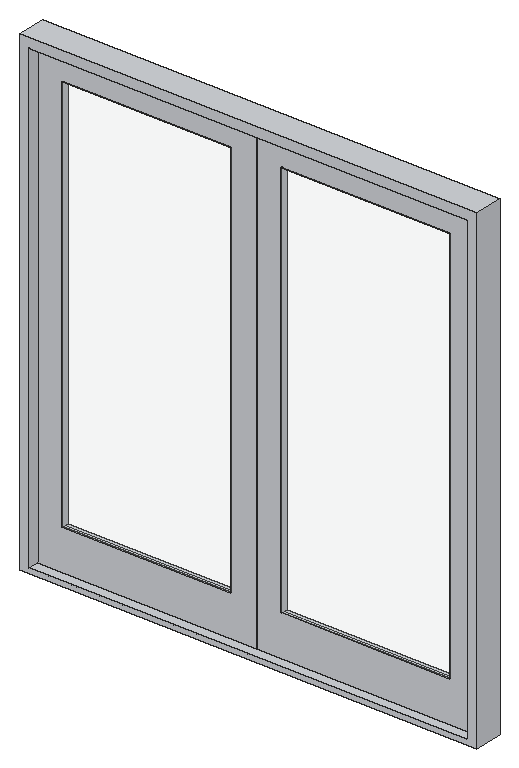
Revit family "PHLS Double Door", category Doors, host Wall, Revit 2018 (continued)
Definition of nested family "oReveal Right Side Text - Elevation"
  Lines and regions (mm)
    Filled region 4, type "Solid Fill - Blue", in view "Ref. Level"
      outline origin (60.229, 45, 0) x (1, 0, 0) y (0, 1, 0)
        loop
          spline (-175.67, -20.819) -> (-172.662, -20.274) -> (-171.624, -19.818) -> (-170.758, -19.233) -> (-170.01, -18.47) -> (-169.367, -17.36) -> (-168.916, -16.205) -> (-168.749, -15.161) -> (-168.855, -14.116) -> (-169.161, -13.156) -> (-169.994, -12.16) -> (-170.911, -11.709) -> (-173.495, -11.396)
          line (-173.495, -11.396) -> (-180.453, -11.396)
    Filled region 5, type "Solid Fill - Blue", in view "Ref. Level"
      outline origin (112.67, 45, 0) x (1, 0, 0) y (0, 1, 0)
        loop
          line (-188.472, -33.793) -> (-185.05, -33.793) -> (-182.768, -22.676) -> (-178.749, -22.676)
          spline (-178.749, -22.676) -> (-177.093, -22.836) -> (-175.853, -23.268) -> (-174.945, -23.899) -> (-174.288, -24.657) -> (-173.796, -25.469) -> (-173.389, -26.266) -> (-173.006, -27.05) -> (-172.612, -27.905) -> (-172.172, -28.918) -> (-171.652, -30.178) -> (-171.017, -31.774) -> (-170.235, -33.793)
          line (-170.235, -33.793) -> (-166.55, -33.793)
          spline (-166.55, -33.793) -> (-167.221, -32.11) -> (-167.783, -30.698) -> (-168.262, -29.514) -> (-168.682, -28.512) -> (-169.068, -27.647) -> (-169.446, -26.874) -> (-169.84, -26.149) -> (-170.279, -25.44) -> (-170.789, -24.735) -> (-171.402, -24.023) -> (-172.145, -23.293) -> (-173.048, -22.536)
          spline (-173.048, -22.536) -> (-169.187, -21.607) -> (-167.872, -20.91) -> (-166.626, -19.99) -> (-165.691, -18.809) -> (-165.041, -17.479) -> (-164.64, -16.087) -> (-164.569, -14.41) -> (-164.781, -12.941) -> (-165.311, -11.614) -> (-166.271, -10.347) -> (-167.333, -9.51) -> (-170.221, -8.762)
          line (-170.221, -8.762) -> (-183.335, -8.762) -> (-188.472, -33.793)
        loop
          line (-180.453, -11.396) -> (-182.195, -19.881) -> (-174.048, -19.881)
          spline (-174.048, -19.881) -> (-171.339, -19.39) -> (-170.403, -18.98) -> (-169.624, -18.453) -> (-168.951, -17.766) -> (-168.372, -16.767) -> (-167.965, -15.727) -> (-167.815, -14.787) -> (-167.91, -13.846) -> (-168.186, -12.981) -> (-168.936, -12.084) -> (-169.762, -11.678) -> (-172.089, -11.396)
          line (-172.089, -11.396) -> (-180.453, -11.396)
    Filled region 6, type "Solid Fill - Blue", in view "Ref. Level"
      outline origin (140.799, 45, 0) x (1, 0, 0) y (0, 1, 0)
        loop
          line (-188.129, -25.472) -> (-174.751, -25.472)
          spline (-174.751, -25.472) -> (-175.33, -18.793) -> (-178.232, -15.972) -> (-182.297, -15.286) -> (-185.875, -16.235) -> (-188.923, -19.053) -> (-190.829, -22.908) -> (-191.378, -26.678) -> (-190.398, -30.629) -> (-187.637, -33.408) -> (-183.785, -34.191) -> (-179.629, -32.861) -> (-175.591, -27.915)
          line (-175.591, -27.915) -> (-178.628, -27.65)
          spline (-178.628, -27.65) -> (-179.383, -29.083) -> (-180.181, -30.112) -> (-181.08, -30.842) -> (-182.086, -31.328) -> (-183.191, -31.613) -> (-184.325, -31.69) -> (-185.385, -31.524) -> (-186.294, -31.082) -> (-187.053, -30.342) -> (-187.68, -29.283) -> (-188.105, -27.762) -> (-188.129, -25.472)
        loop
          spline (-177.445, -23.161) -> (-177.526, -21.224) -> (-177.805, -19.993) -> (-178.317, -19.083) -> (-179.061, -18.396) -> (-179.944, -17.928) -> (-180.872, -17.685) -> (-181.802, -17.626) -> (-182.746, -17.748) -> (-183.806, -18.125) -> (-185.057, -18.884) -> (-186.406, -20.407) -> (-187.699, -23.161)
          line (-187.699, -23.161) -> (-177.445, -23.161)
    Filled region 7, type "Solid Fill - Blue", in view "Ref. Level"
      outline origin (177.936, 45, 0) x (1, 0, 0) y (0, 1, 0)
        loop
          line (-188.129, -25.472) -> (-174.751, -25.472)
          spline (-174.751, -25.472) -> (-175.33, -18.793) -> (-178.232, -15.972) -> (-182.297, -15.286) -> (-185.875, -16.235) -> (-188.923, -19.053) -> (-190.829, -22.908) -> (-191.378, -26.678) -> (-190.398, -30.629) -> (-187.637, -33.408) -> (-183.785, -34.191) -> (-179.629, -32.861) -> (-175.591, -27.915)
          line (-175.591, -27.915) -> (-178.628, -27.65)
          spline (-178.628, -27.65) -> (-179.383, -29.083) -> (-180.181, -30.112) -> (-181.08, -30.842) -> (-182.086, -31.328) -> (-183.191, -31.613) -> (-184.325, -31.69) -> (-185.385, -31.524) -> (-186.294, -31.082) -> (-187.053, -30.342) -> (-187.68, -29.283) -> (-188.105, -27.762) -> (-188.129, -25.472)
        loop
          spline (-177.445, -23.161) -> (-177.526, -21.224) -> (-177.805, -19.993) -> (-178.317, -19.083) -> (-179.061, -18.396) -> (-179.944, -17.928) -> (-180.872, -17.685) -> (-181.802, -17.626) -> (-182.746, -17.748) -> (-183.806, -18.125) -> (-185.057, -18.884) -> (-186.406, -20.407) -> (-187.699, -23.161)
          line (-187.699, -23.161) -> (-177.445, -23.161)
    Filled region 8, type "Solid Fill - Blue", in view "Ref. Level"
      outline origin (162.443, 45, 0) x (1, 0, 0) y (0, 1, 0)
        loop
          line (-189.88, -33.819) -> (-186.425, -33.819) -> (-175.939, -15.656) -> (-179.19, -15.656) -> (-187.655, -30.927) -> (-189.88, -15.656) -> (-192.832, -15.656) -> (-189.88, -33.819)
    Filled region 9, type "Solid Fill - Blue", in view "Ref. Level"
      outline origin (197.496, 45, 0) x (1, 0, 0) y (0, 1, 0)
        loop
          spline (-176.731, -33.81) -> (-177.048, -30.756) -> (-176.568, -27.729) -> (-175.862, -24.428) -> (-175.296, -21.761) -> (-175.209, -19.472) -> (-176.174, -17.323) -> (-178.088, -15.946) -> (-180.408, -15.324) -> (-183.076, -15.244) -> (-185.871, -15.924) -> (-188.445, -17.662) -> (-190.254, -20.766)
          line (-190.254, -20.766) -> (-187.177, -21.036)
          spline (-187.177, -21.036) -> (-186.217, -19.367) -> (-185.166, -18.49) -> (-184.123, -18.053) -> (-183.14, -17.828) -> (-182.213, -17.753) -> (-181.329, -17.788) -> (-180.488, -17.931) -> (-179.696, -18.205) -> (-178.989, -18.646) -> (-178.457, -19.328) -> (-178.242, -20.429) -> (-178.61, -22.434)
          spline (-178.61, -22.434) -> (-182.106, -22.969) -> (-185.94, -23.268) -> (-188.411, -23.836) -> (-190.183, -24.81) -> (-191.466, -26.329) -> (-192.072, -28.375) -> (-191.785, -30.63) -> (-190.666, -32.589) -> (-188.815, -33.834) -> (-186.625, -34.269) -> (-184.308, -33.979) -> (-180.197, -31.547)
          line (-180.197, -31.547) -> (-179.837, -33.81) -> (-176.731, -33.81)
        loop
          arc (-179.062, -24.59) -> (-179.61, -24.797) -> (-180.176, -24.947) r 5.632
          spline (-180.176, -24.947) -> (-183.054, -25.289) -> (-185.569, -25.599) -> (-187.565, -26.26) -> (-188.711, -27.474) -> (-189.006, -29.249) -> (-188.323, -30.798) -> (-186.742, -31.691) -> (-184.734, -31.772) -> (-182.898, -31.193) -> (-181.336, -30.093) -> (-180.13, -28.385) -> (-179.062, -24.59)
    Filled region 10, type "Solid Fill - Blue", in view "Ref. Level"
      outline origin (212.589, 45, 0) x (1, 0, 0) y (0, 1, 0)
        loop
          line (-188.472, -33.793) -> (-185.362, -33.793) -> (-180.225, -8.762) -> (-183.335, -8.762) -> (-188.472, -33.793)
    Filled region 11, type "Solid Fill - Blue", in view "Ref. Level"
      outline origin (374.336, 45, 0) x (1, 0, 0) y (0, 1, 0)
        loop
          line (-188.129, -25.472) -> (-174.751, -25.472)
          spline (-174.751, -25.472) -> (-175.33, -18.793) -> (-178.232, -15.972) -> (-182.297, -15.286) -> (-185.875, -16.235) -> (-188.923, -19.053) -> (-190.829, -22.908) -> (-191.378, -26.678) -> (-190.398, -30.629) -> (-187.637, -33.408) -> (-183.785, -34.191) -> (-179.629, -32.861) -> (-175.591, -27.915)
          line (-175.591, -27.915) -> (-178.628, -27.65)
          spline (-178.628, -27.65) -> (-179.383, -29.083) -> (-180.181, -30.112) -> (-181.08, -30.842) -> (-182.086, -31.328) -> (-183.191, -31.613) -> (-184.325, -31.69) -> (-185.385, -31.524) -> (-186.294, -31.082) -> (-187.053, -30.342) -> (-187.68, -29.283) -> (-188.105, -27.762) -> (-188.129, -25.472)
        loop
          spline (-177.445, -23.161) -> (-177.526, -21.224) -> (-177.805, -19.993) -> (-178.317, -19.083) -> (-179.061, -18.396) -> (-179.944, -17.928) -> (-180.872, -17.685) -> (-181.802, -17.626) -> (-182.746, -17.748) -> (-183.806, -18.125) -> (-185.057, -18.884) -> (-186.406, -20.407) -> (-187.699, -23.161)
          line (-187.699, -23.161) -> (-177.445, -23.161)
    Filled region 12, type "Solid Fill - Blue", in view "Ref. Level"
      outline origin (363.908, 45, 0) x (1, 0, 0) y (0, 1, 0)
        loop
          line (-189.097, -33.793) -> (-186.143, -33.793) -> (-181.007, -8.762) -> (-183.96, -8.762) -> (-185.992, -18.666)
          spline (-185.992, -18.666) -> (-189.018, -15.645) -> (-191.89, -15.318) -> (-194.745, -16.312) -> (-197.017, -18.256) -> (-198.758, -21.005) -> (-199.707, -23.911) -> (-199.98, -27.227) -> (-199.492, -30.174) -> (-197.974, -32.627) -> (-195.435, -34.052) -> (-192.553, -33.977) -> (-188.596, -31.353)
          line (-188.596, -31.353) -> (-189.097, -33.793)
        loop
          spline (-187.074, -23.939) -> (-187.766, -19.434) -> (-189.652, -17.96) -> (-191.978, -17.855) -> (-193.982, -19.036) -> (-195.419, -21.043) -> (-196.57, -23.675) -> (-197.008, -26.615) -> (-196.558, -29.314) -> (-195.29, -31.127) -> (-193.225, -31.745) -> (-190.995, -31.199) -> (-187.564, -26.326)
          line (-187.564, -26.326) -> (-187.074, -23.939)
    Filled region 13, type "Solid Fill - Blue", in view "Ref. Level"
      outline origin (301.91, 45, 0) x (1, 0, 0) y (0, 1, 0)
        loop
          spline (-188.225, -31.068) -> (-188.142, -32.2) -> (-187.85, -32.743) -> (-187.548, -33.075) -> (-187.215, -33.366) -> (-186.817, -33.641) -> (-186.334, -33.851) -> (-185.8, -33.988) -> (-185.279, -34.07) -> (-184.77, -34.11) -> (-184.203, -34.117) -> (-183.457, -34.057) -> (-182.296, -33.793)
          line (-182.296, -33.793) -> (-181.778, -31.268)
          spline (-181.778, -31.268) -> (-182.615, -31.431) -> (-183.256, -31.506) -> (-183.748, -31.513) -> (-184.131, -31.466) -> (-184.428, -31.371) -> (-184.66, -31.233) -> (-184.832, -31.045) -> (-184.939, -30.798) -> (-184.983, -30.489) -> (-184.981, -30.117) -> (-184.902, -29.552) -> (-184.676, -28.55)
          line (-184.676, -28.55) -> (-182.44, -18.033) -> (-179.466, -18.033) -> (-178.977, -15.651) -> (-181.952, -15.651) -> (-180.595, -9.043) -> (-184.142, -11.174) -> (-185.061, -15.651) -> (-187.516, -15.651) -> (-188.004, -18.033) -> (-185.55, -18.033) -> (-188.225, -31.068)
    Filled region 14, type "Solid Fill - Blue", in view "Ref. Level"
      outline origin (342.757, 45, 0) x (1, 0, 0) y (0, 1, 0)
        loop
          line (-187.046, -33.813) -> (-183.92, -33.813) -> (-180.059, -15.651) -> (-183.186, -15.651) -> (-187.046, -33.813)
        loop
          line (-178.662, -8.76) -> (-181.772, -8.76) -> (-182.479, -12.206) -> (-179.369, -12.206) -> (-178.662, -8.76)
    Filled region 15, type "Solid Fill - Blue", in view "Ref. Level"
      outline origin (325.902, 45, 0) x (1, 0, 0) y (0, 1, 0)
        loop
          spline (-191.902, -25.696) -> (-188.873, -32.573) -> (-184.7, -34.054) -> (-179.1, -33.911) -> (-174.626, -31.632) -> (-172.605, -27.747) -> (-173.701, -23.276) -> (-177.807, -20.444) -> (-183.106, -18.033) -> (-185.511, -14.656) -> (-182.77, -11.452) -> (-177.656, -11.4) -> (-174.053, -16.091)
          line (-174.053, -16.091) -> (-170.823, -15.809)
          spline (-170.823, -15.809) -> (-173.206, -10.35) -> (-177.749, -8.428) -> (-183.329, -8.698) -> (-187.292, -10.915) -> (-188.76, -15.635) -> (-186.187, -19.894) -> (-181.292, -22.401) -> (-176.599, -25.193) -> (-176.643, -29.277) -> (-181.021, -31.416) -> (-186.304, -30.526) -> (-188.603, -25.407)
          line (-188.603, -25.407) -> (-191.902, -25.696)
    Filled region 16, type "Solid Fill - Blue", in view "Ref. Level"
      outline origin (231.047, 45, 0) x (1, 0, 0) y (0, 1, 0)
        loop
          line (-188.472, -33.793) -> (-185.05, -33.793) -> (-182.768, -22.676) -> (-178.749, -22.676)
          spline (-178.749, -22.676) -> (-177.093, -22.836) -> (-175.853, -23.268) -> (-174.945, -23.899) -> (-174.288, -24.657) -> (-173.796, -25.469) -> (-173.389, -26.266) -> (-173.006, -27.05) -> (-172.612, -27.905) -> (-172.172, -28.918) -> (-171.652, -30.178) -> (-171.017, -31.774) -> (-170.235, -33.793)
          line (-170.235, -33.793) -> (-166.55, -33.793)
          spline (-166.55, -33.793) -> (-167.221, -32.11) -> (-167.783, -30.698) -> (-168.262, -29.514) -> (-168.682, -28.512) -> (-169.068, -27.647) -> (-169.446, -26.874) -> (-169.84, -26.149) -> (-170.279, -25.44) -> (-170.789, -24.735) -> (-171.402, -24.023) -> (-172.145, -23.293) -> (-173.048, -22.536)
          spline (-173.048, -22.536) -> (-169.187, -21.607) -> (-167.872, -20.91) -> (-166.626, -19.99) -> (-165.691, -18.809) -> (-165.041, -17.479) -> (-164.64, -16.087) -> (-164.569, -14.41) -> (-164.781, -12.941) -> (-165.311, -11.614) -> (-166.271, -10.347) -> (-167.333, -9.51) -> (-170.221, -8.762)
          line (-170.221, -8.762) -> (-183.335, -8.762) -> (-188.472, -33.793)
        loop
          line (-180.453, -11.396) -> (-182.195, -19.881) -> (-174.048, -19.881)
          spline (-174.048, -19.881) -> (-171.339, -19.39) -> (-170.403, -18.98) -> (-169.624, -18.453) -> (-168.951, -17.766) -> (-168.372, -16.767) -> (-167.965, -15.727) -> (-167.815, -14.787) -> (-167.91, -13.846) -> (-168.186, -12.981) -> (-168.936, -12.084) -> (-169.762, -11.678) -> (-172.089, -11.396)
          line (-172.089, -11.396) -> (-180.453, -11.396)
    Filled region 17, type "Solid Fill - Blue", in view "Ref. Level"
      outline origin (254.228, 45, 0) x (1, 0, 0) y (0, 1, 0)
        loop
          line (-187.046, -33.813) -> (-183.92, -33.813) -> (-180.059, -15.651) -> (-183.186, -15.651) -> (-187.046, -33.813)
        loop
          line (-178.662, -8.76) -> (-181.772, -8.76) -> (-182.479, -12.206) -> (-179.369, -12.206) -> (-178.662, -8.76)
    Filled region 18, type "Solid Fill - Blue", in view "Ref. Level"
      outline origin (273.129, 45, 0) x (1, 0, 0) y (0, 1, 0)
        loop
          line (-180.059, -15.651) -> (-182.873, -15.651) -> (-183.507, -18.631)
          spline (-183.507, -18.631) -> (-187.01, -15.474) -> (-189.921, -15.283) -> (-192.548, -16.16) -> (-194.909, -18.032) -> (-196.766, -20.673) -> (-197.861, -23.651) -> (-198.089, -26.745) -> (-197.453, -29.77) -> (-195.976, -32.014) -> (-193.714, -33.506) -> (-190.414, -33.658) -> (-186.497, -31.375)
          spline (-186.497, -31.375) -> (-187.176, -34.352) -> (-187.597, -35.867) -> (-188.052, -36.823) -> (-188.69, -37.524) -> (-189.569, -38.048) -> (-190.623, -38.384) -> (-191.767, -38.529) -> (-192.924, -38.517) -> (-193.958, -38.361) -> (-194.751, -38.029) -> (-195.45, -37.333) -> (-195.731, -35.767)
          line (-195.731, -35.767) -> (-198.821, -35.466)
          spline (-198.821, -35.466) -> (-198.736, -37.55) -> (-198.091, -39.018) -> (-196.931, -40.043) -> (-195.401, -40.659) -> (-193.776, -40.988) -> (-192.164, -41.084) -> (-190.591, -40.969) -> (-189.102, -40.652) -> (-187.722, -40.101) -> (-186.377, -39.083) -> (-185.025, -37.23) -> (-183.92, -33.813)
          line (-183.92, -33.813) -> (-180.059, -15.651)
        loop
          spline (-191.883, -31.164) -> (-190.589, -31.311) -> (-189.243, -30.995) -> (-187.939, -30.237) -> (-186.765, -29.087) -> (-185.801, -27.626) -> (-185.113, -25.951) -> (-184.747, -24.178) -> (-184.729, -22.427) -> (-185.06, -20.818) -> (-185.717, -19.46) -> (-186.655, -18.445) -> (-187.811, -17.844)
          spline (-187.811, -17.844) -> (-189.106, -17.696) -> (-190.451, -18.012) -> (-191.755, -18.771) -> (-192.93, -19.92) -> (-193.894, -21.382) -> (-194.582, -23.056) -> (-194.948, -24.829) -> (-194.966, -26.58) -> (-194.635, -28.189) -> (-193.978, -29.548) -> (-193.039, -30.562) -> (-191.883, -31.164)
    Filled region 19, type "Solid Fill - Blue", in view "Ref. Level"
      outline origin (280.845, 45, 0) x (1, 0, 0) y (0, 1, 0)
        loop
          line (-187.203, -33.813) -> (-184.076, -33.813) -> (-182.029, -24.183)
          spline (-182.029, -24.183) -> (-181.055, -21.496) -> (-180.114, -19.985) -> (-179.213, -19.156) -> (-178.355, -18.578) -> (-177.493, -18.149) -> (-176.57, -17.875) -> (-175.595, -17.762) -> (-174.69, -17.814) -> (-173.937, -18.051) -> (-173.31, -18.53) -> (-172.9, -19.34) -> (-173.029, -21.034)
          line (-173.029, -21.034) -> (-175.745, -33.813) -> (-172.618, -33.813) -> (-170.184, -22.361)
          spline (-170.184, -22.361) -> (-169.793, -19.618) -> (-169.966, -18.045) -> (-170.478, -17.066) -> (-171.158, -16.393) -> (-171.899, -15.878) -> (-172.776, -15.508) -> (-173.861, -15.299) -> (-175.038, -15.27) -> (-176.173, -15.439) -> (-177.283, -15.818) -> (-178.473, -16.46) -> (-180.15, -17.713)
          line (-180.15, -17.713) -> (-180.789, -18.352) -> (-178.751, -8.76) -> (-181.877, -8.76) -> (-187.203, -33.813)
    Filled region 20, type "Solid Fill - Blue", in view "Ref. Level"
      outline origin (98.855, 44.647, 0) x (1, 0, 0) y (0, 1, 0)
        loop
          spline (-185.95, -31.303) -> (-184.564, -31.411) -> (-183.141, -31.022) -> (-181.777, -30.162) -> (-180.567, -28.889) -> (-179.592, -27.29) -> (-178.919, -25.475) -> (-178.594, -23.566) -> (-178.639, -21.694) -> (-179.051, -19.987) -> (-179.801, -18.56) -> (-180.839, -17.511) -> (-182.095, -16.912)
          spline (-182.095, -16.912) -> (-183.481, -16.803) -> (-184.904, -17.193) -> (-186.268, -18.053) -> (-187.478, -19.326) -> (-188.453, -20.924) -> (-189.126, -22.74) -> (-189.451, -24.649) -> (-189.406, -26.521) -> (-188.994, -28.228) -> (-188.244, -29.655) -> (-187.205, -30.703) -> (-185.95, -31.303)
        loop
          spline (-186.719, -33.512) -> (-184.541, -33.789) -> (-182.328, -33.407) -> (-180.231, -32.391) -> (-178.392, -30.811) -> (-176.936, -28.774) -> (-175.964, -26.418) -> (-175.54, -23.905) -> (-175.695, -21.406) -> (-176.417, -19.092) -> (-177.658, -17.118) -> (-179.332, -15.622) -> (-181.326, -14.703)
          spline (-181.326, -14.703) -> (-183.503, -14.425) -> (-185.717, -14.808) -> (-187.814, -15.823) -> (-189.653, -17.404) -> (-191.109, -19.441) -> (-192.081, -21.797) -> (-192.505, -24.309) -> (-192.35, -26.808) -> (-191.628, -29.123) -> (-190.387, -31.096) -> (-188.713, -32.593) -> (-186.719, -33.512)
Definition of nested family "oReveal Left Side Text - Elevation"
  Reference planes
    plane 1 "Center (Front/Back)": y = 0
    plane 2: z = 0
    plane 3 "Center (Left/Right)": x = 0
  Lines and regions (mm)
    Filled region 1, type "Solid Fill - Blue", in view "Ref. Level"
      outline origin (0, 45, 0) x (1, 0, 0) y (0, 1, 0)
        loop
          line (-188.472, -33.793) -> (-185.05, -33.793) -> (-182.961, -23.613) -> (-175.674, -23.613)
          spline (-175.674, -23.613) -> (-171.33, -22.908) -> (-169.791, -22.309) -> (-168.405, -21.311) -> (-167.201, -20.024) -> (-166.317, -18.518) -> (-165.768, -16.888) -> (-165.579, -15.289) -> (-165.618, -13.63) -> (-166.119, -11.979) -> (-167.07, -10.588) -> (-168.322, -9.573) -> (-171.627, -8.762)
          line (-171.627, -8.762) -> (-183.335, -8.762) -> (-188.472, -33.793)
        loop
          line (-180.453, -11.396) -> (-182.387, -20.819) -> (-175.67, -20.819)
          spline (-175.67, -20.819) -> (-172.662, -20.274) -> (-171.624, -19.818) -> (-170.758, -19.233) -> (-170.01, -18.47) -> (-169.367, -17.36) -> (-168.916, -16.205) -> (-168.749, -15.161) -> (-168.855, -14.116) -> (-169.161, -13.156) -> (-169.994, -12.16) -> (-170.911, -11.709) -> (-173.495, -11.396)
          line (-173.495, -11.396) -> (-180.453, -11.396)
    Filled region 2, type "Solid Fill - Blue", in view "Ref. Level"
      outline origin (23.211, 45, 0) x (1, 0, 0) y (0, 1, 0)
        loop
          line (-188.472, -33.793) -> (-185.05, -33.793) -> (-182.624, -21.973) -> (-169.658, -21.973) -> (-172.083, -33.793) -> (-168.661, -33.793) -> (-163.525, -8.762) -> (-166.947, -8.762) -> (-169.084, -19.178) -> (-182.05, -19.178) -> (-179.913, -8.762) -> (-183.335, -8.762) -> (-188.472, -33.793)
    Filled region 3, type "Solid Fill - Blue", in view "Ref. Level"
      outline origin (48.414, 45, 0) x (1, 0, 0) y (0, 1, 0)
        loop
          line (-188.472, -33.793) -> (-185.05, -33.793) -> (-182.961, -23.613) -> (-175.674, -23.613)
          spline (-175.674, -23.613) -> (-171.33, -22.908) -> (-169.791, -22.309) -> (-168.405, -21.311) -> (-167.201, -20.024) -> (-166.317, -18.518) -> (-165.768, -16.888) -> (-165.579, -15.289) -> (-165.618, -13.63) -> (-166.119, -11.979) -> (-167.07, -10.588) -> (-168.322, -9.573) -> (-171.627, -8.762)
          line (-171.627, -8.762) -> (-183.335, -8.762) -> (-188.472, -33.793)
        loop
          line (-180.453, -11.396) -> (-182.387, -20.819) -> (-175.67, -20.819)
          spline (-175.67, -20.819) -> (-172.662, -20.274) -> (-171.624, -19.818) -> (-170.758, -19.233) -> (-170.01, -18.47) -> (-169.367, -17.36) -> (-168.916, -16.205) -> (-168.749, -15.161) -> (-168.855, -14.116) -> (-169.161, -13.156) -> (-169.994, -12.16) -> (-170.911, -11.709) -> (-173.495, -11.396)
          line (-173.495, -11.396) -> (-180.453, -11.396)
    Filled region 4, type "Solid Fill - Blue", in view "Ref. Level"
      outline origin (71.479, 45, 0) x (1, 0, 0) y (0, 1, 0)
        loop
          line (-188.472, -33.793) -> (-185.05, -33.793) -> (-182.961, -23.613) -> (-175.674, -23.613)
          spline (-175.674, -23.613) -> (-171.33, -22.908) -> (-169.791, -22.309) -> (-168.405, -21.311) -> (-167.201, -20.024) -> (-166.317, -18.518) -> (-165.768, -16.888) -> (-165.579, -15.289) -> (-165.618, -13.63) -> (-166.119, -11.979) -> (-167.07, -10.588) -> (-168.322, -9.573) -> (-171.627, -8.762)
          line (-171.627, -8.762) -> (-183.335, -8.762) -> (-188.472, -33.793)
        loop
          line (-180.453, -11.396) -> (-182.387, -20.819) -> (-175.67, -20.819)
          spline (-175.67, -20.819) -> (-172.662, -20.274) -> (-171.624, -19.818) -> (-170.758, -19.233) -> (-170.01, -18.47) -> (-169.367, -17.36) -> (-168.916, -16.205) -> (-168.749, -15.161) -> (-168.855, -14.116) -> (-169.161, -13.156) -> (-169.994, -12.16) -> (-170.911, -11.709) -> (-173.495, -11.396)
          line (-173.495, -11.396) -> (-180.453, -11.396)
    Filled region 5, type "Solid Fill - Blue", in view "Ref. Level"
      outline origin (123.92, 45, 0) x (1, 0, 0) y (0, 1, 0)
        loop
          line (-188.472, -33.793) -> (-185.05, -33.793) -> (-182.768, -22.676) -> (-178.749, -22.676)
          spline (-178.749, -22.676) -> (-177.093, -22.836) -> (-175.853, -23.268) -> (-174.945, -23.899) -> (-174.288, -24.657) -> (-173.796, -25.469) -> (-173.389, -26.266) -> (-173.006, -27.05) -> (-172.612, -27.905) -> (-172.172, -28.918) -> (-171.652, -30.178) -> (-171.017, -31.774) -> (-170.235, -33.793)
          line (-170.235, -33.793) -> (-166.55, -33.793)
          spline (-166.55, -33.793) -> (-167.221, -32.11) -> (-167.783, -30.698) -> (-168.262, -29.514) -> (-168.682, -28.512) -> (-169.068, -27.647) -> (-169.446, -26.874) -> (-169.84, -26.149) -> (-170.279, -25.44) -> (-170.789, -24.735) -> (-171.402, -24.023) -> (-172.145, -23.293) -> (-173.048, -22.536)
          spline (-173.048, -22.536) -> (-169.187, -21.607) -> (-167.872, -20.91) -> (-166.626, -19.99) -> (-165.691, -18.809) -> (-165.041, -17.479) -> (-164.64, -16.087) -> (-164.569, -14.41) -> (-164.781, -12.941) -> (-165.311, -11.614) -> (-166.271, -10.347) -> (-167.333, -9.51) -> (-170.221, -8.762)
          line (-170.221, -8.762) -> (-183.335, -8.762) -> (-188.472, -33.793)
        loop
          line (-180.453, -11.396) -> (-182.195, -19.881) -> (-174.048, -19.881)
          spline (-174.048, -19.881) -> (-171.339, -19.39) -> (-170.403, -18.98) -> (-169.624, -18.453) -> (-168.951, -17.766) -> (-168.372, -16.767) -> (-167.965, -15.727) -> (-167.815, -14.787) -> (-167.91, -13.846) -> (-168.186, -12.981) -> (-168.936, -12.084) -> (-169.762, -11.678) -> (-172.089, -11.396)
          line (-172.089, -11.396) -> (-180.453, -11.396)
    Filled region 6, type "Solid Fill - Blue", in view "Ref. Level"
      outline origin (152.049, 45, 0) x (1, 0, 0) y (0, 1, 0)
        loop
          line (-188.129, -25.472) -> (-174.751, -25.472)
          spline (-174.751, -25.472) -> (-175.33, -18.793) -> (-178.232, -15.972) -> (-182.297, -15.286) -> (-185.875, -16.235) -> (-188.923, -19.053) -> (-190.829, -22.908) -> (-191.378, -26.678) -> (-190.398, -30.629) -> (-187.637, -33.408) -> (-183.785, -34.191) -> (-179.629, -32.861) -> (-175.591, -27.915)
          line (-175.591, -27.915) -> (-178.628, -27.65)
          spline (-178.628, -27.65) -> (-179.383, -29.083) -> (-180.181, -30.112) -> (-181.08, -30.842) -> (-182.086, -31.328) -> (-183.191, -31.613) -> (-184.325, -31.69) -> (-185.385, -31.524) -> (-186.294, -31.082) -> (-187.053, -30.342) -> (-187.68, -29.283) -> (-188.105, -27.762) -> (-188.129, -25.472)
        loop
          spline (-177.445, -23.161) -> (-177.526, -21.224) -> (-177.805, -19.993) -> (-178.317, -19.083) -> (-179.061, -18.396) -> (-179.944, -17.928) -> (-180.872, -17.685) -> (-181.802, -17.626) -> (-182.746, -17.748) -> (-183.806, -18.125) -> (-185.057, -18.884) -> (-186.406, -20.407) -> (-187.699, -23.161)
          line (-187.699, -23.161) -> (-177.445, -23.161)
    Filled region 7, type "Solid Fill - Blue", in view "Ref. Level"
      outline origin (189.186, 45, 0) x (1, 0, 0) y (0, 1, 0)
        loop
          line (-188.129, -25.472) -> (-174.751, -25.472)
          spline (-174.751, -25.472) -> (-175.33, -18.793) -> (-178.232, -15.972) -> (-182.297, -15.286) -> (-185.875, -16.235) -> (-188.923, -19.053) -> (-190.829, -22.908) -> (-191.378, -26.678) -> (-190.398, -30.629) -> (-187.637, -33.408) -> (-183.785, -34.191) -> (-179.629, -32.861) -> (-175.591, -27.915)
          line (-175.591, -27.915) -> (-178.628, -27.65)
          spline (-178.628, -27.65) -> (-179.383, -29.083) -> (-180.181, -30.112) -> (-181.08, -30.842) -> (-182.086, -31.328) -> (-183.191, -31.613) -> (-184.325, -31.69) -> (-185.385, -31.524) -> (-186.294, -31.082) -> (-187.053, -30.342) -> (-187.68, -29.283) -> (-188.105, -27.762) -> (-188.129, -25.472)
        loop
          spline (-177.445, -23.161) -> (-177.526, -21.224) -> (-177.805, -19.993) -> (-178.317, -19.083) -> (-179.061, -18.396) -> (-179.944, -17.928) -> (-180.872, -17.685) -> (-181.802, -17.626) -> (-182.746, -17.748) -> (-183.806, -18.125) -> (-185.057, -18.884) -> (-186.406, -20.407) -> (-187.699, -23.161)
          line (-187.699, -23.161) -> (-177.445, -23.161)
    Filled region 8, type "Solid Fill - Blue", in view "Ref. Level"
      outline origin (173.693, 45, 0) x (1, 0, 0) y (0, 1, 0)
        loop
          line (-189.88, -33.819) -> (-186.425, -33.819) -> (-175.939, -15.656) -> (-179.19, -15.656) -> (-187.655, -30.927) -> (-189.88, -15.656) -> (-192.832, -15.656) -> (-189.88, -33.819)
    Filled region 9, type "Solid Fill - Blue", in view "Ref. Level"
      outline origin (208.746, 45, 0) x (1, 0, 0) y (0, 1, 0)
        loop
          spline (-176.731, -33.81) -> (-177.048, -30.756) -> (-176.568, -27.729) -> (-175.862, -24.428) -> (-175.296, -21.761) -> (-175.209, -19.472) -> (-176.174, -17.323) -> (-178.088, -15.946) -> (-180.408, -15.324) -> (-183.076, -15.244) -> (-185.871, -15.924) -> (-188.445, -17.662) -> (-190.254, -20.766)
          line (-190.254, -20.766) -> (-187.177, -21.036)
          spline (-187.177, -21.036) -> (-186.217, -19.367) -> (-185.166, -18.49) -> (-184.123, -18.053) -> (-183.14, -17.828) -> (-182.213, -17.753) -> (-181.329, -17.788) -> (-180.488, -17.931) -> (-179.696, -18.205) -> (-178.989, -18.646) -> (-178.457, -19.328) -> (-178.242, -20.429) -> (-178.61, -22.434)
          spline (-178.61, -22.434) -> (-182.106, -22.969) -> (-185.94, -23.268) -> (-188.411, -23.836) -> (-190.183, -24.81) -> (-191.466, -26.329) -> (-192.072, -28.375) -> (-191.785, -30.63) -> (-190.666, -32.589) -> (-188.815, -33.834) -> (-186.625, -34.269) -> (-184.308, -33.979) -> (-180.197, -31.547)
          line (-180.197, -31.547) -> (-179.837, -33.81) -> (-176.731, -33.81)
        loop
          arc (-179.062, -24.59) -> (-179.61, -24.797) -> (-180.176, -24.947) r 5.632
          spline (-180.176, -24.947) -> (-183.054, -25.289) -> (-185.569, -25.599) -> (-187.565, -26.26) -> (-188.711, -27.474) -> (-189.006, -29.249) -> (-188.323, -30.798) -> (-186.742, -31.691) -> (-184.734, -31.772) -> (-182.898, -31.193) -> (-181.336, -30.093) -> (-180.13, -28.385) -> (-179.062, -24.59)
    Filled region 10, type "Solid Fill - Blue", in view "Ref. Level"
      outline origin (223.839, 45, 0) x (1, 0, 0) y (0, 1, 0)
        loop
          line (-188.472, -33.793) -> (-185.362, -33.793) -> (-180.225, -8.762) -> (-183.335, -8.762) -> (-188.472, -33.793)
    Filled region 11, type "Solid Fill - Blue", in view "Ref. Level"
      outline origin (241.995, 45, 0) x (1, 0, 0) y (0, 1, 0)
        loop
          line (-188.472, -33.793) -> (-171.96, -33.793) -> (-171.385, -30.991) -> (-184.475, -30.991) -> (-179.913, -8.762) -> (-183.335, -8.762) -> (-188.472, -33.793)
    Filled region 12, type "Solid Fill - Blue", in view "Ref. Level"
      outline origin (264.491, 45, 0) x (1, 0, 0) y (0, 1, 0)
        loop
          line (-188.129, -25.472) -> (-174.751, -25.472)
          spline (-174.751, -25.472) -> (-175.33, -18.793) -> (-178.232, -15.972) -> (-182.297, -15.286) -> (-185.875, -16.235) -> (-188.923, -19.053) -> (-190.829, -22.908) -> (-191.378, -26.678) -> (-190.398, -30.629) -> (-187.637, -33.408) -> (-183.785, -34.191) -> (-179.629, -32.861) -> (-175.591, -27.915)
          line (-175.591, -27.915) -> (-178.628, -27.65)
          spline (-178.628, -27.65) -> (-179.383, -29.083) -> (-180.181, -30.112) -> (-181.08, -30.842) -> (-182.086, -31.328) -> (-183.191, -31.613) -> (-184.325, -31.69) -> (-185.385, -31.524) -> (-186.294, -31.082) -> (-187.053, -30.342) -> (-187.68, -29.283) -> (-188.105, -27.762) -> (-188.129, -25.472)
        loop
          spline (-177.445, -23.161) -> (-177.526, -21.224) -> (-177.805, -19.993) -> (-178.317, -19.083) -> (-179.061, -18.396) -> (-179.944, -17.928) -> (-180.872, -17.685) -> (-181.802, -17.626) -> (-182.746, -17.748) -> (-183.806, -18.125) -> (-185.057, -18.884) -> (-186.406, -20.407) -> (-187.699, -23.161)
          line (-187.699, -23.161) -> (-177.445, -23.161)
    Filled region 13, type "Solid Fill - Blue", in view "Ref. Level"
      outline origin (363.086, 45, 0) x (1, 0, 0) y (0, 1, 0)
        loop
          line (-188.129, -25.472) -> (-174.751, -25.472)
          spline (-174.751, -25.472) -> (-175.33, -18.793) -> (-178.232, -15.972) -> (-182.297, -15.286) -> (-185.875, -16.235) -> (-188.923, -19.053) -> (-190.829, -22.908) -> (-191.378, -26.678) -> (-190.398, -30.629) -> (-187.637, -33.408) -> (-183.785, -34.191) -> (-179.629, -32.861) -> (-175.591, -27.915)
          line (-175.591, -27.915) -> (-178.628, -27.65)
          spline (-178.628, -27.65) -> (-179.383, -29.083) -> (-180.181, -30.112) -> (-181.08, -30.842) -> (-182.086, -31.328) -> (-183.191, -31.613) -> (-184.325, -31.69) -> (-185.385, -31.524) -> (-186.294, -31.082) -> (-187.053, -30.342) -> (-187.68, -29.283) -> (-188.105, -27.762) -> (-188.129, -25.472)
        loop
          spline (-177.445, -23.161) -> (-177.526, -21.224) -> (-177.805, -19.993) -> (-178.317, -19.083) -> (-179.061, -18.396) -> (-179.944, -17.928) -> (-180.872, -17.685) -> (-181.802, -17.626) -> (-182.746, -17.748) -> (-183.806, -18.125) -> (-185.057, -18.884) -> (-186.406, -20.407) -> (-187.699, -23.161)
          line (-187.699, -23.161) -> (-177.445, -23.161)
    Filled region 14, type "Solid Fill - Blue", in view "Ref. Level"
      outline origin (352.658, 45, 0) x (1, 0, 0) y (0, 1, 0)
        loop
          line (-189.097, -33.793) -> (-186.143, -33.793) -> (-181.007, -8.762) -> (-183.96, -8.762) -> (-185.992, -18.666)
          spline (-185.992, -18.666) -> (-189.018, -15.645) -> (-191.89, -15.318) -> (-194.745, -16.312) -> (-197.017, -18.256) -> (-198.758, -21.005) -> (-199.707, -23.911) -> (-199.98, -27.227) -> (-199.492, -30.174) -> (-197.974, -32.627) -> (-195.435, -34.052) -> (-192.553, -33.977) -> (-188.596, -31.353)
          line (-188.596, -31.353) -> (-189.097, -33.793)
        loop
          spline (-187.074, -23.939) -> (-187.766, -19.434) -> (-189.652, -17.96) -> (-191.978, -17.855) -> (-193.982, -19.036) -> (-195.419, -21.043) -> (-196.57, -23.675) -> (-197.008, -26.615) -> (-196.558, -29.314) -> (-195.29, -31.127) -> (-193.225, -31.745) -> (-190.995, -31.199) -> (-187.564, -26.326)
          line (-187.564, -26.326) -> (-187.074, -23.939)
    Filled region 15, type "Solid Fill - Blue", in view "Ref. Level"
      outline origin (280.66, 45, 0) x (1, 0, 0) y (0, 1, 0)
        loop
          line (-188.472, -33.793) -> (-185.362, -33.793) -> (-182.128, -18.033) -> (-178.684, -18.033) -> (-178.196, -15.651) -> (-181.639, -15.651) -> (-181.13, -13.171)
          spline (-181.13, -13.171) -> (-180.875, -12.394) -> (-180.648, -11.881) -> (-180.425, -11.557) -> (-180.185, -11.35) -> (-179.912, -11.208) -> (-179.604, -11.12) -> (-179.257, -11.078) -> (-178.871, -11.074) -> (-178.428, -11.106) -> (-177.895, -11.181) -> (-177.234, -11.306) -> (-176.412, -11.487)
          line (-176.412, -11.487) -> (-175.837, -8.781)
          spline (-175.837, -8.781) -> (-177.104, -8.532) -> (-178.088, -8.382) -> (-178.945, -8.3) -> (-179.74, -8.286) -> (-180.49, -8.36) -> (-181.202, -8.535) -> (-181.855, -8.805) -> (-182.425, -9.164) -> (-182.908, -9.62) -> (-183.321, -10.204) -> (-183.703, -11.082) -> (-184.151, -12.738)
          line (-184.151, -12.738) -> (-184.748, -15.651) -> (-187.516, -15.651) -> (-188.004, -18.033) -> (-185.237, -18.033) -> (-188.472, -33.793)
    Filled region 16, type "Solid Fill - Blue", in view "Ref. Level"
      outline origin (290.66, 45, 0) x (1, 0, 0) y (0, 1, 0)
        loop
          spline (-188.225, -31.068) -> (-188.142, -32.2) -> (-187.85, -32.743) -> (-187.548, -33.075) -> (-187.215, -33.366) -> (-186.817, -33.641) -> (-186.334, -33.851) -> (-185.8, -33.988) -> (-185.279, -34.07) -> (-184.77, -34.11) -> (-184.203, -34.117) -> (-183.457, -34.057) -> (-182.296, -33.793)
          line (-182.296, -33.793) -> (-181.778, -31.268)
          spline (-181.778, -31.268) -> (-182.615, -31.431) -> (-183.256, -31.506) -> (-183.748, -31.513) -> (-184.131, -31.466) -> (-184.428, -31.371) -> (-184.66, -31.233) -> (-184.832, -31.045) -> (-184.939, -30.798) -> (-184.983, -30.489) -> (-184.981, -30.117) -> (-184.902, -29.552) -> (-184.676, -28.55)
          line (-184.676, -28.55) -> (-182.44, -18.033) -> (-179.466, -18.033) -> (-178.977, -15.651) -> (-181.952, -15.651) -> (-180.595, -9.043) -> (-184.142, -11.174) -> (-185.061, -15.651) -> (-187.516, -15.651) -> (-188.004, -18.033) -> (-185.55, -18.033) -> (-188.225, -31.068)
    Filled region 17, type "Solid Fill - Blue", in view "Ref. Level"
      outline origin (331.507, 45, 0) x (1, 0, 0) y (0, 1, 0)
        loop
          line (-187.046, -33.813) -> (-183.92, -33.813) -> (-180.059, -15.651) -> (-183.186, -15.651) -> (-187.046, -33.813)
        loop
          line (-178.662, -8.76) -> (-181.772, -8.76) -> (-182.479, -12.206) -> (-179.369, -12.206) -> (-178.662, -8.76)
    Filled region 18, type "Solid Fill - Blue", in view "Ref. Level"
      outline origin (314.652, 45, 0) x (1, 0, 0) y (0, 1, 0)
        loop
          spline (-191.902, -25.696) -> (-188.873, -32.573) -> (-184.7, -34.054) -> (-179.1, -33.911) -> (-174.626, -31.632) -> (-172.605, -27.747) -> (-173.701, -23.276) -> (-177.807, -20.444) -> (-183.106, -18.033) -> (-185.511, -14.656) -> (-182.77, -11.452) -> (-177.656, -11.4) -> (-174.053, -16.091)
          line (-174.053, -16.091) -> (-170.823, -15.809)
          spline (-170.823, -15.809) -> (-173.206, -10.35) -> (-177.749, -8.428) -> (-183.329, -8.698) -> (-187.292, -10.915) -> (-188.76, -15.635) -> (-186.187, -19.894) -> (-181.292, -22.401) -> (-176.599, -25.193) -> (-176.643, -29.277) -> (-181.021, -31.416) -> (-186.304, -30.526) -> (-188.603, -25.407)
          line (-188.603, -25.407) -> (-191.902, -25.696)
    Filled region 19, type "Solid Fill - Blue", in view "Ref. Level"
      outline origin (111.643, 44.7, 0) x (1, 0, 0) y (0, 1, 0)
        loop
          spline (-187.2, -31.928) -> (-185.814, -32.036) -> (-184.391, -31.647) -> (-183.027, -30.787) -> (-181.817, -29.514) -> (-180.842, -27.915) -> (-180.169, -26.1) -> (-179.844, -24.191) -> (-179.889, -22.319) -> (-180.301, -20.612) -> (-181.051, -19.185) -> (-182.089, -18.136) -> (-183.345, -17.537)
          spline (-183.345, -17.537) -> (-184.731, -17.428) -> (-186.154, -17.818) -> (-187.518, -18.678) -> (-188.728, -19.951) -> (-189.703, -21.549) -> (-190.376, -23.365) -> (-190.701, -25.274) -> (-190.656, -27.146) -> (-190.244, -28.853) -> (-189.494, -30.28) -> (-188.455, -31.328) -> (-187.2, -31.928)
        loop
          spline (-187.969, -34.137) -> (-185.791, -34.414) -> (-183.578, -34.032) -> (-181.481, -33.016) -> (-179.642, -31.436) -> (-178.186, -29.399) -> (-177.214, -27.043) -> (-176.79, -24.53) -> (-176.945, -22.031) -> (-177.667, -19.717) -> (-178.908, -17.743) -> (-180.582, -16.247) -> (-182.576, -15.328)
          spline (-182.576, -15.328) -> (-184.753, -15.05) -> (-186.967, -15.433) -> (-189.064, -16.448) -> (-190.903, -18.029) -> (-192.359, -20.066) -> (-193.331, -22.422) -> (-193.755, -24.934) -> (-193.6, -27.433) -> (-192.878, -29.748) -> (-191.637, -31.721) -> (-189.963, -33.218) -> (-187.969, -34.137)
